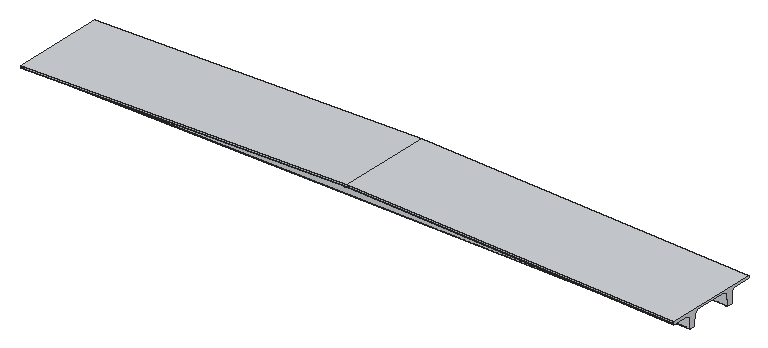
Revit family "Ribbeelement - RTP", category Structural Framing, Revit 2019
Family settings
  Section Shape = Not Defined
  Material for Model Behavior = Other
  Always export as geometry = No
  OmniClass Number = 23.25.30.11.14.14
  OmniClass Title = Beams
  Always vertical = Yes
  Cut with Voids When Loaded = No
  Symbolic Representation = From Family
  Shared = No
  Show family pre-cut in plan views = Yes
Parameters (values of type "RTPA 60")
  _LengthHandle [instance] = 16700 mm
  _Length [instance] = if(Length Max < _LengthHandle, Length Max, _LengthHandle)  # 16700 mm
  _KipDisplacementPos [instance] = if(and(_KipDisplacement > 0 mm, Length / 2 > abs(_KipDisplacement)), abs(_KipDisplacement), 0 mm)  # 0 mm
  _KipDisplacement [instance] = if(Kipforskydning Maks < Kipforskydning, Kipforskydning Maks, if(Kipforskydning Min > Kipforskydning, Kipforskydning Min, Kipforskydning))  # 0 mm
  _KipDisplacementNeg [instance] = if(and(_KipDisplacement < 0 mm, Length / 2 > abs(_KipDisplacement)), abs(_KipDisplacement), 0 mm)  # 0 mm
  Ribbe CC Afstand = if(Tværsnit RTPA, 1200 mm, 1800 mm)  # 1200 mm
  Pladetykkelse Standard = 60 mm  # constant formula
  Pladetykkelse = 60 mm
  Pladebredde 2 = 1196 mm
  Pladebredde 1 = 1196 mm
  Model = if(Tværsnit RTPA, "RTPA", "RTPB")  # "RTPA"
  Tværsnit RTPB = not(Tværsnit RTPA)  # no
  Tværsnit RTPA = yes
  Length Max = if(Tværsnit RTPA, if(Højde Standard < 900 mm, 24300 mm, if(Højde Standard < 1020 mm, 33400 mm, 36300 mm)), if(Højde Standard < 900 mm, 24360 mm, if(Højde Standard < 1020 mm, 32000 mm, 36000 mm)))  # 24300 mm
  Kipforskydning Min [instance] = -(Length Max - Length) / 2  # -3550 mm
  Kipforskydning Maks [instance] = (Length Max - Length) / 2  # 3550 mm
  Kipforskydning [instance] = 0 mm
  Højde Standard = 600 mm
  Bredde = Pladebredde 1 + Pladebredde 2  # 2392 mm
  Structural Material [instance] = (empty or 0)
  Manufacturer = "CRH Concrete"  # constant formula
  Length [instance] = 17200 mm
  Højde = Højde Standard - Pladetykkelse Standard + Pladetykkelse  # 600 mm
  CRH_RFA_TimeStamp_LastRelease = 20191107  # constant formula
Types (9, lengths in mm): name | Ribbe CC Afstand | Model | Tværsnit RTPB | Tværsnit RTPA | Length Max | Kipforskydning Min | Kipforskydning Maks | Højde Standard | Højde
  (no name) | 1200 | "RTPA" | no | yes | 24300 | -3550 | 3550 | 600 | 600
  RTPA 102 | 1200 | "RTPA" | no | yes | 36300 | -9550 | 9550 | 1020 | 1020
  RTPA 72 | 1200 | "RTPA" | no | yes | 24300 | -3550 | 3550 | 720 | 720
  RTPA 90 | 1200 | "RTPA" | no | yes | 33400 | -8100 | 8100 | 900 | 900
  RTPA 60 | 1200 | "RTPA" | no | yes | 24300 | -3550 | 3550 | 600 | 600
  RTPB 102 | 1800 | "RTPB" | yes | no | 36000 | -9400 | 9400 | 1020 | 1020
  RTPB 90 | 1800 | "RTPB" | yes | no | 32000 | -7400 | 7400 | 900 | 900
  RTPB 72 | 1800 | "RTPB" | yes | no | 24360 | -3580 | 3580 | 720 | 720
  RTPB 60 | 1800 | "RTPB" | yes | no | 24360 | -3580 | 3580 | 600 | 600
Reference planes
  plane 1 "Center (Front/Back)": y = 0
  plane 2 "Center Elevation": z = 0
  plane 3 "Center (Left/Right)": x = 0
  plane 4 "Left": x = -8600
  plane 5 "Member Left": x = -8350
  plane 6 "Stick Symbol Left": x = -8100
  plane 7 "Right": x = 8600
  plane 8 "Member Right": x = 8350
  plane 9 "Stick Symbol Right": x = 8100
  plane 10: y = 600
  plane 11: y = -600
  plane 12 "Left Adjusted": x = -8350
  plane 13 "Right Adjusted": x = 8350
  plane 14 "Kip": x = 0
  plane 15 "Kip Negative": x = 0
Lines and regions (mm)
  model lines, style "Stick Symbols", not visible, detail levels coarse
    curve 1: line (-8100, 0, 0) -> (8100, 0, 0)
Dimensions and locks
  equal spacing: plane 5 "Member Left", plane 3 "Center (Left/Right)", plane 8 "Member Right"
  "Length": plane 4 "Left" to plane 7 "Right"
  equal spacing: plane 10, plane 1 "Center (Front/Back)", plane 11
  "Ribbe CC Afstand": plane 10 to plane 11
  "_LengthHandle": plane 5 "Member Left" to plane 8 "Member Right"
  equal spacing: plane 12 "Left Adjusted", plane 3 "Center (Left/Right)", plane 13 "Right Adjusted"
  "_Length": plane 12 "Left Adjusted" to plane 13 "Right Adjusted"
  "_KipDisplacementNeg": plane 3 "Center (Left/Right)" to plane 15 "Kip Negative"
  "_KipDisplacementPos": plane 14 "Kip" to plane 3 "Center (Left/Right)"
  aligned and locked: plane 1 "Center (Front/Back)" to curve 1
  aligned and locked: plane 6 "Stick Symbol Left" to curve 1
  aligned and locked: plane 9 "Stick Symbol Right" to curve 1
  aligned and locked: plane 2 "Center Elevation" to level
  aligned and locked: nested 1 to plane 12 "Left Adjusted"
  aligned and locked: nested 1 to plane 13 "Right Adjusted"
  aligned and locked: nested 2 to plane 12 "Left Adjusted"
  aligned and locked: nested 2 to plane 13 "Right Adjusted"
  aligned and locked: plane 1 "Center (Front/Back)" to nested 2
  aligned and locked: plane 1 "Center (Front/Back)" to nested 1
Nested families
  nested 1: "xNested - Geometry RTPA" at (0, 0, 0), visible <- "Tværsnit RTPA", type "xNested - Geometry RTPA"
    with _OffsetSection -600 mm, _KipPositive 0 mm, _KipNegative 0 mm, _Kip Displacement 0 mm, _HeightSection2 391.25 mm, _HeightSection1 600 mm, _HeightSection0 391.25 mm, Structural Material (empty or 0), Length 16700 mm, Kip Displacement Max 3800 mm, Length Max 24300 mm, Height 600 mm
  nested 2: "xNested - Geometry RTPB" at (0, 0, 0), visible <- "Tværsnit RTPB", type "xNested - Geometry RTPB"
    with _OffsetSection -600 mm, _KipPositive 0 mm, _KipNegative 0 mm, _Kip Displacement 0 mm, _HeightSection2 391.25 mm, _HeightSection1 600 mm, _HeightSection0 391.25 mm, Structural Material (empty or 0), Length 16700 mm, Kip Displacement Max 3800 mm, Length Max 24300 mm, Height 600 mm
Definition of nested family "xNested - Geometry RTPA"
  Parameters (values of type "xNested - Geometry RTPA")
    _PlateSlope = 1 / 40  # 0.025
    _OffsetSection [instance] = -Height  # -1020 mm
    _KipPositive [instance] = if(and(_Kip Displacement > 0 mm, Length / 2 > abs(_Kip Displacement)), abs(_Kip Displacement), 0 mm)  # 0 mm
    _KipNegative [instance] = if(and(_Kip Displacement < 0 mm, Length / 2 > abs(_Kip Displacement)), abs(_Kip Displacement), 0 mm)  # 0 mm
    _Kip Displacement [instance] = if(Kip Displacement Max < Kip Displacement, Kip Displacement Max, if(-Kip Displacement Max > Kip Displacement, -Kip Displacement Max, Kip Displacement))  # 0 mm
    Structural Material [instance] = (empty or 0)
    _HeightSection2 [instance] = Height - if(Length / 2 > abs(_Kip Displacement), (Length / 2 + _Kip Displacement) * _PlateSlope, (abs(_Kip Displacement) - Length / 2 + if(_Kip Displacement > 0 mm, Length, 0 mm)) * _PlateSlope)  # 805 mm
    _HeightSection1 [instance] = if(Length / 2 > abs(_Kip Displacement), Height, (_HeightSection0 + _HeightSection2) / 2)  # 1020 mm
    _HeightSection0 [instance] = Height - if(Length / 2 > abs(_Kip Displacement), (Length / 2 - _Kip Displacement) * _PlateSlope, (abs(_Kip Displacement) - Length / 2 + if(_Kip Displacement > 0 mm, 0 mm, Length)) * _PlateSlope)  # 805 mm
    Plate Width 2 = 1196 mm
    Plate Width 1 = 1196 mm
    Plate Thickness = 60 mm
    Length Max = 36300 mm
    Length [instance] = 17200 mm
    Kip Displacement Max [instance] = (Length Max - Length) / 2  # 9550 mm
    Kip Displacement = 0 mm
    Height = 1020 mm
  Reference planes
    plane 1 "Center (Front/Back)": y = 0
    plane 2: z = 0
    plane 3 "Center (Left/Right)": x = 0
    plane 4 "Left": x = -8600
    plane 5 "Right": x = 8600
    plane 6 "Kip Positive": x = 0
    plane 7 "Kip Negative": x = 0
  Forms (mm)
    SweptBlend 1, solid
      path origin (0, 0, 0) x (1, 0, 0) y (0, 1, 0)
        loop
          line (-8600, 0) -> (0, 0)
      profile "Profile-RTPA : Left" origin (-8600, 0, 0) x (0, 1, 0) y (0, 0, 1)
        loop
          line (-1196, -215) -> (-1196, -265) -> (-1186, -275) -> (-787.8, -275) -> (-687.8, -325) -> (-660.417, -1009.583) -> (-650, -1020) -> (-550, -1020) -> (-539.583, -1009.583) -> (-511.8, -315) -> (-411.8, -265) -> (411.8, -265) -> (511.8, -315) -> (539.583, -1009.583) -> (550, -1020) -> (650, -1020) -> (660.417, -1009.583) -> (687.8, -325) -> (787.8, -275) -> (1186, -275) -> (1196, -265) -> (1196, -215) -> (-1196, -215)
      end profile "Profile-RTPA : Center" origin (0, 0, 0) x (0, 1, 0) y (0, 0, 1)
        loop
          line (-1196, 0) -> (-1196, -50) -> (-1186, -60) -> (-796.4, -60) -> (-696.4, -110) -> (-660.417, -1009.583) -> (-650, -1020) -> (-550, -1020) -> (-539.583, -1009.583) -> (-503.2, -100) -> (-403.2, -50) -> (403.2, -50) -> (503.2, -100) -> (539.583, -1009.583) -> (550, -1020) -> (650, -1020) -> (660.417, -1009.583) -> (696.4, -110) -> (796.4, -60) -> (1186, -60) -> (1196, -50) -> (1196, 0) -> (-1196, 0)
    SweptBlend 2, solid
      path origin (0, 0, 0) x (1, 0, 0) y (0, 1, 0)
        loop
          line (0, 0) -> (8600, 0)
      profile "Profile-RTPA : Center" origin (0, 0, 0) x (0, 1, 0) y (0, 0, 1)
        loop
          line (-1196, 0) -> (-1196, -50) -> (-1186, -60) -> (-796.4, -60) -> (-696.4, -110) -> (-660.417, -1009.583) -> (-650, -1020) -> (-550, -1020) -> (-539.583, -1009.583) -> (-503.2, -100) -> (-403.2, -50) -> (403.2, -50) -> (503.2, -100) -> (539.583, -1009.583) -> (550, -1020) -> (650, -1020) -> (660.417, -1009.583) -> (696.4, -110) -> (796.4, -60) -> (1186, -60) -> (1196, -50) -> (1196, 0) -> (-1196, 0)
      end profile "Profile-RTPA : Right" origin (8600, 0, 0) x (0, 1, 0) y (0, 0, 1)
        loop
          line (-1196, -215) -> (-1196, -265) -> (-1186, -275) -> (-787.8, -275) -> (-687.8, -325) -> (-660.417, -1009.583) -> (-650, -1020) -> (-550, -1020) -> (-539.583, -1009.583) -> (-511.8, -315) -> (-411.8, -265) -> (411.8, -265) -> (511.8, -315) -> (539.583, -1009.583) -> (550, -1020) -> (650, -1020) -> (660.417, -1009.583) -> (687.8, -325) -> (787.8, -275) -> (1186, -275) -> (1196, -265) -> (1196, -215) -> (-1196, -215)
  Cuts and joins
    joined: SweptBlend 1, SweptBlend 2
  Dimensions and locks
    equal spacing: plane 4 "Left", plane 3 "Center (Left/Right)", plane 5 "Right"
    "Length": plane 4 "Left" to plane 5 "Right"
    "_KipNegative": plane 3 "Center (Left/Right)" to plane 7 "Kip Negative"
    "_KipPositive": plane 6 "Kip Positive" to plane 3 "Center (Left/Right)"
    aligned and locked: plane 2 to level
    aligned and locked: plane 4 "Left" to SweptBlend 1 sketch curve
    aligned and locked: plane 5 "Right" to SweptBlend 2 sketch curve
    aligned and locked: plane 6 "Kip Positive" to SweptBlend 1 sketch curve
    aligned and locked: plane 6 "Kip Positive" to SweptBlend 2 sketch curve
  Automatic sketch dimensions
    plane 1 "Center (Front/Back)" to SweptBlend 1 sketch curve = 0 mm
    plane 1 "Center (Front/Back)" to SweptBlend 2 sketch curve = 0 mm
Definition of nested family "xNested - Geometry RTPB"
  Parameters (values of type "xNested - Geometry RTPB")
    _PlateSlope = 1 / 40  # 0.025
    _OffsetSection [instance] = -Height  # -1020 mm
    _KipPositive [instance] = if(and(_Kip Displacement > 0 mm, Length / 2 > abs(_Kip Displacement)), abs(_Kip Displacement), 0 mm)  # 0 mm
    _KipNegative [instance] = if(and(_Kip Displacement < 0 mm, Length / 2 > abs(_Kip Displacement)), abs(_Kip Displacement), 0 mm)  # 0 mm
    _Kip Displacement [instance] = if(Kip Displacement Max < Kip Displacement, Kip Displacement Max, if(-Kip Displacement Max > Kip Displacement, -Kip Displacement Max, Kip Displacement))  # 0 mm
    Structural Material [instance] = (empty or 0)
    _HeightSection2 [instance] = Height - if(Length / 2 > abs(_Kip Displacement), (Length / 2 + _Kip Displacement) * _PlateSlope, (abs(_Kip Displacement) - Length / 2 + if(_Kip Displacement > 0 mm, Length, 0 mm)) * _PlateSlope)  # 805 mm
    _HeightSection1 [instance] = if(Length / 2 > abs(_Kip Displacement), Height, (_HeightSection0 + _HeightSection2) / 2)  # 1020 mm
    _HeightSection0 [instance] = Height - if(Length / 2 > abs(_Kip Displacement), (Length / 2 - _Kip Displacement) * _PlateSlope, (abs(_Kip Displacement) - Length / 2 + if(_Kip Displacement > 0 mm, 0 mm, Length)) * _PlateSlope)  # 805 mm
    Plate Width 2 = 1196 mm
    Plate Width 1 = 1196 mm
    Plate Thickness = 60 mm
    Length Max = 36300 mm
    Length [instance] = 17200 mm
    Kip Displacement Max [instance] = (Length Max - Length) / 2  # 9550 mm
    Kip Displacement = 0 mm
    Height = 1020 mm
  Reference planes
    plane 1 "Center (Front/Back)": y = 0
    plane 2: z = 0
    plane 3 "Center (Left/Right)": x = 0
    plane 4 "Left": x = -8600
    plane 5 "Right": x = 8600
    plane 6 "Kip Positive": x = 0
    plane 7 "Kip Negative": x = 0
  Forms (mm)
    SweptBlend 1, solid
      path origin (0, 0, 0) x (1, 0, 0) y (0, 1, 0)
        loop
          line (-8600, 0) -> (0, 0)
      profile "Profile-RTPB : Left" origin (-8600, 0, 0) x (0, 1, 0) y (0, 0, 1)
        loop
          line (-1196, -215) -> (-1196, -265) -> (-1186, -275) -> (-989.8, -275) -> (-960.417, -1009.583) -> (-950, -1020) -> (-850, -1020) -> (-839.583, -1009.583) -> (-810.2, -275) -> (-600, -275) -> (-590, -255) -> (590, -255) -> (600, -275) -> (810.2, -275) -> (839.583, -1009.583) -> (850, -1020) -> (950, -1020) -> (960.417, -1009.583) -> (989.8, -275) -> (1186, -275) -> (1196, -265) -> (1196, -215) -> (-1196, -215)
      end profile "Profile-RTPB : Center" origin (0, 0, 0) x (0, 1, 0) y (0, 0, 1)
        loop
          line (-1196, 0) -> (-1196, -50) -> (-1186, -60) -> (-988.4, -60) -> (-950.417, -1009.583) -> (-940, -1020) -> (-860, -1020) -> (-849.583, -1009.583) -> (-811.6, -60) -> (-600, -60) -> (-590, -40) -> (590, -40) -> (600, -60) -> (811.6, -60) -> (849.583, -1009.583) -> (860, -1020) -> (940, -1020) -> (950.417, -1009.583) -> (988.4, -60) -> (1186, -60) -> (1196, -50) -> (1196, 0) -> (-1196, 0)
    SweptBlend 2, solid
      path origin (0, 0, 0) x (1, 0, 0) y (0, 1, 0)
        loop
          line (0, 0) -> (8600, 0)
      profile "Profile-RTPB : Center" origin (0, 0, 0) x (0, 1, 0) y (0, 0, 1)
        loop
          line (-1196, 0) -> (-1196, -50) -> (-1186, -60) -> (-988.4, -60) -> (-950.417, -1009.583) -> (-940, -1020) -> (-860, -1020) -> (-849.583, -1009.583) -> (-811.6, -60) -> (-600, -60) -> (-590, -40) -> (590, -40) -> (600, -60) -> (811.6, -60) -> (849.583, -1009.583) -> (860, -1020) -> (940, -1020) -> (950.417, -1009.583) -> (988.4, -60) -> (1186, -60) -> (1196, -50) -> (1196, 0) -> (-1196, 0)
      end profile "Profile-RTPB : Right" origin (8600, 0, 0) x (0, 1, 0) y (0, 0, 1)
        loop
          line (-1196, -215) -> (-1196, -265) -> (-1186, -275) -> (-989.8, -275) -> (-960.417, -1009.583) -> (-950, -1020) -> (-850, -1020) -> (-839.583, -1009.583) -> (-810.2, -275) -> (-600, -275) -> (-590, -255) -> (590, -255) -> (600, -275) -> (810.2, -275) -> (839.583, -1009.583) -> (850, -1020) -> (950, -1020) -> (960.417, -1009.583) -> (989.8, -275) -> (1186, -275) -> (1196, -265) -> (1196, -215) -> (-1196, -215)
  Cuts and joins
    joined: SweptBlend 1, SweptBlend 2
  Dimensions and locks
    equal spacing: plane 4 "Left", plane 3 "Center (Left/Right)", plane 5 "Right"
    "Length": plane 4 "Left" to plane 5 "Right"
    "_KipNegative": plane 3 "Center (Left/Right)" to plane 7 "Kip Negative"
    "_KipPositive": plane 6 "Kip Positive" to plane 3 "Center (Left/Right)"
    aligned and locked: plane 2 to level
    aligned and locked: plane 4 "Left" to SweptBlend 1 sketch curve
    aligned and locked: plane 5 "Right" to SweptBlend 2 sketch curve
    aligned and locked: plane 6 "Kip Positive" to SweptBlend 1 sketch curve
    aligned and locked: plane 6 "Kip Positive" to SweptBlend 2 sketch curve
  Automatic sketch dimensions
    plane 1 "Center (Front/Back)" to SweptBlend 1 sketch curve = 0 mm
    plane 1 "Center (Front/Back)" to SweptBlend 2 sketch curve = 0 mm
